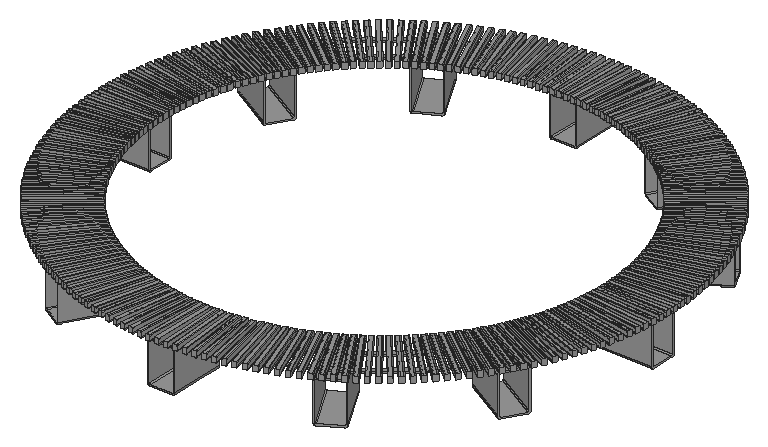
Revit family "Скамейка стальная круглая «Радиус Раунд» без спинки Арт 22157", category Антураж, Revit 2018
Family settings
  На основе рабочей плоскости = Нет
  Всегда вертикально = Да
  При загрузке вырезать с полостями = Нет
  Источник визуального образа = Геометрия семейства
  Общий = Нет
  Точка расчета площади = Нет
Parameters (values of type "Версия R 2600")
  Ширина = 500 mm  # constant formula
  Цвет отделки = Дерево
  Цвет основания = Сталь
  Радиус = if(Версия 2000, 2000 mm, 2600 mm)  # 2600 mm
  Описание = if(Версия 2000, "Скамейка стальная круглая «Радиус Раунд» без спинки. Версия R 2000", "Скамейка стальная круглая «Радиус Раунд» без спинки. Версия R 2600")  # "Скамейка стальная круглая «Радиус Раунд» без спинки. Версия R 2600"
  Материал изделия = "Сталь, дерево"  # constant formula
  Кол-во реек (условно) = if(Версия 2000, 175, 200)  # 200
  Изображение типоразмера = Скамейка стальная круглая «Радиус Раунд» без спинки Арт 22157.jpg
  Изготовитель = "ООО «Хоббика»"  # constant formula
  Длина = if(Версия 2000, 12566 mm, 16336 mm)  # 16336 mm
  Группа модели = "Скамейки"  # constant formula
  Высота = 450 mm  # constant formula
  Версия 2600 = not(Версия 2000)  # yes
  Версия 2000 = no
  Артикул товара = "Арт. 22157"  # constant formula
  URL = "https://hobbyka.ru/product/sadovoparkovaya_skameyka_radius_raund_kruglaya/"
Types (3, lengths in mm): name | Радиус | Описание | Кол-во реек (условно) | Длина | Версия 2600 | Версия 2000
  (no name) | 2600 | "Скамейка стальная круглая «Радиус Раунд» без спинки. Версия R 2600" | 200 | 16336 | yes | no
  Версия R 2600 | 2600 | "Скамейка стальная круглая «Радиус Раунд» без спинки. Версия R 2600" | 200 | 16336 | yes | no
  Версия R 2000 | 2000 | "Скамейка стальная круглая «Радиус Раунд» без спинки. Версия R 2000" | 175 | 12566 | no | yes
Reference planes
  plane 1 "По центру (Вперед/Назад)": y = 0
  plane 2: z = 0
  plane 3 "По центру (Влево/Вправо)": x = 0
Dimensions and locks
  aligned and locked: level to plane 2
  aligned and locked: plane 1 "По центру (Вперед/Назад)" to nested 2
  aligned and locked: plane 1 "По центру (Вперед/Назад)" to nested 1
  aligned and locked: plane 3 "По центру (Влево/Вправо)" to nested 1
  aligned and locked: plane 3 "По центру (Влево/Вправо)" to nested 2
  aligned and locked: nested 163 to plane 1 "По центру (Вперед/Назад)"
  aligned and locked: nested 163 to plane 3 "По центру (Влево/Вправо)"
Nested families
  nested 1: "Скамейка стальная круглая «Радиус Раунд» без спинки Арт 22157 сидение" at (0, 0, 0), type "Скамейка стальная круглая «Радиус Раунд» без спинки Арт 22157 сидение"
  nested 2: "Скамейка стальная круглая «Радиус Раунд» без спинки Арт 22157 опора" at (0, 0, 0), type "Скамейка стальная круглая «Радиус Раунд» без спинки Арт 22157 опора"
  nested 3: "Скамейка стальная круглая «Радиус Раунд» без спинки Арт 22157 опора" at (0, 0, 0) x (0.866, -0.5, 0) z (0, 0, 1), type "Скамейка стальная круглая «Радиус Раунд» без спинки Арт 22157 опора"
  nested 4: "Скамейка стальная круглая «Радиус Раунд» без спинки Арт 22157 опора" at (0, 0, 0) x (0.866, 0.5, 0) z (0, 0, 1), type "Скамейка стальная круглая «Радиус Раунд» без спинки Арт 22157 опора"
  nested 5: "Скамейка стальная круглая «Радиус Раунд» без спинки Арт 22157 опора" at (0, 0, 0) x (0.5, 0.866, 0) z (0, 0, 1), type "Скамейка стальная круглая «Радиус Раунд» без спинки Арт 22157 опора"
  nested 6: "Скамейка стальная круглая «Радиус Раунд» без спинки Арт 22157 опора" at (0, 0, 0) x (0, 1, 0) z (0, 0, 1), type "Скамейка стальная круглая «Радиус Раунд» без спинки Арт 22157 опора"
  nested 7: "Скамейка стальная круглая «Радиус Раунд» без спинки Арт 22157 опора" at (0, 0, 0) x (-0.5, 0.866, 0) z (0, 0, 1), type "Скамейка стальная круглая «Радиус Раунд» без спинки Арт 22157 опора"
  nested 8: "Скамейка стальная круглая «Радиус Раунд» без спинки Арт 22157 опора" at (0, 0, 0) x (-0.866, 0.5, 0) z (0, 0, 1), type "Скамейка стальная круглая «Радиус Раунд» без спинки Арт 22157 опора"
  nested 9: "Скамейка стальная круглая «Радиус Раунд» без спинки Арт 22157 опора" at (0, 0, 0) x (-1, 0, 0) z (0, 0, 1), type "Скамейка стальная круглая «Радиус Раунд» без спинки Арт 22157 опора"
  nested 10: "Скамейка стальная круглая «Радиус Раунд» без спинки Арт 22157 опора" at (0, 0, 0) x (-0.866, -0.5, 0) z (0, 0, 1), type "Скамейка стальная круглая «Радиус Раунд» без спинки Арт 22157 опора"
  nested 11: "Скамейка стальная круглая «Радиус Раунд» без спинки Арт 22157 опора" at (0, 0, 0) x (-0.5, -0.866, 0) z (0, 0, 1), type "Скамейка стальная круглая «Радиус Раунд» без спинки Арт 22157 опора"
  nested 12: "Скамейка стальная круглая «Радиус Раунд» без спинки Арт 22157 опора" at (0, 0, 0) x (0, -1, 0) z (0, 0, 1), type "Скамейка стальная круглая «Радиус Раунд» без спинки Арт 22157 опора"
  nested 13: "Скамейка стальная круглая «Радиус Раунд» без спинки Арт 22157 опора" at (0, 0, 0) x (0.5, -0.866, 0) z (0, 0, 1), type "Скамейка стальная круглая «Радиус Раунд» без спинки Арт 22157 опора"
  nested 14: "Скамейка стальная круглая «Радиус Раунд» без спинки Арт 22157 сидение" at (0, 0, 0) x (0.9995, -0.0314, 0) z (0, 0, 1), type "Скамейка стальная круглая «Радиус Раунд» без спинки Арт 22157 сидение"
  nested 15: "Скамейка стальная круглая «Радиус Раунд» без спинки Арт 22157 сидение" at (0, 0, 0) x (0.9995, 0.0314, 0) z (0, 0, 1), type "Скамейка стальная круглая «Радиус Раунд» без спинки Арт 22157 сидение"
  nested 16: "Скамейка стальная круглая «Радиус Раунд» без спинки Арт 22157 сидение" at (0, 0, 0) x (0.998, 0.0628, 0) z (0, 0, 1), type "Скамейка стальная круглая «Радиус Раунд» без спинки Арт 22157 сидение"
  nested 17: "Скамейка стальная круглая «Радиус Раунд» без спинки Арт 22157 сидение" at (0, 0, 0) x (0.9956, 0.0941, 0) z (0, 0, 1), type "Скамейка стальная круглая «Радиус Раунд» без спинки Арт 22157 сидение"
  nested 18: "Скамейка стальная круглая «Радиус Раунд» без спинки Арт 22157 сидение" at (0, 0, 0) x (0.9921, 0.1253, 0) z (0, 0, 1), type "Скамейка стальная круглая «Радиус Раунд» без спинки Арт 22157 сидение"
  nested 19: "Скамейка стальная круглая «Радиус Раунд» без спинки Арт 22157 сидение" at (0, 0, 0) x (0.9877, 0.1564, 0) z (0, 0, 1), type "Скамейка стальная круглая «Радиус Раунд» без спинки Арт 22157 сидение"
  nested 20: "Скамейка стальная круглая «Радиус Раунд» без спинки Арт 22157 сидение" at (0, 0, 0) x (0.9823, 0.1874, 0) z (0, 0, 1), type "Скамейка стальная круглая «Радиус Раунд» без спинки Арт 22157 сидение"
  nested 21: "Скамейка стальная круглая «Радиус Раунд» без спинки Арт 22157 сидение" at (0, 0, 0) x (0.9759, 0.2181, 0) z (0, 0, 1), type "Скамейка стальная круглая «Радиус Раунд» без спинки Арт 22157 сидение"
  nested 22: "Скамейка стальная круглая «Радиус Раунд» без спинки Арт 22157 сидение" at (0, 0, 0) x (0.9686, 0.2487, 0) z (0, 0, 1), type "Скамейка стальная круглая «Радиус Раунд» без спинки Арт 22157 сидение"
  nested 23: "Скамейка стальная круглая «Радиус Раунд» без спинки Арт 22157 сидение" at (0, 0, 0) x (0.9603, 0.279, 0) z (0, 0, 1), type "Скамейка стальная круглая «Радиус Раунд» без спинки Арт 22157 сидение"
  nested 24: "Скамейка стальная круглая «Радиус Раунд» без спинки Арт 22157 сидение" at (0, 0, 0) x (0.9511, 0.309, 0) z (0, 0, 1), type "Скамейка стальная круглая «Радиус Раунд» без спинки Арт 22157 сидение"
  nested 25: "Скамейка стальная круглая «Радиус Раунд» без спинки Арт 22157 сидение" at (0, 0, 0) x (0.9409, 0.3387, 0) z (0, 0, 1), type "Скамейка стальная круглая «Радиус Раунд» без спинки Арт 22157 сидение"
  nested 26: "Скамейка стальная круглая «Радиус Раунд» без спинки Арт 22157 сидение" at (0, 0, 0) x (0.9298, 0.3681, 0) z (0, 0, 1), type "Скамейка стальная круглая «Радиус Раунд» без спинки Арт 22157 сидение"
  nested 27: "Скамейка стальная круглая «Радиус Раунд» без спинки Арт 22157 сидение" at (0, 0, 0) x (0.9178, 0.3971, 0) z (0, 0, 1), type "Скамейка стальная круглая «Радиус Раунд» без спинки Арт 22157 сидение"
  nested 28: "Скамейка стальная круглая «Радиус Раунд» без спинки Арт 22157 сидение" at (0, 0, 0) x (0.9048, 0.4258, 0) z (0, 0, 1), type "Скамейка стальная круглая «Радиус Раунд» без спинки Арт 22157 сидение"
  nested 29: "Скамейка стальная круглая «Радиус Раунд» без спинки Арт 22157 сидение" at (0, 0, 0) x (0.891, 0.454, 0) z (0, 0, 1), type "Скамейка стальная круглая «Радиус Раунд» без спинки Арт 22157 сидение"
  nested 30: "Скамейка стальная круглая «Радиус Раунд» без спинки Арт 22157 сидение" at (0, 0, 0) x (0.8763, 0.4818, 0) z (0, 0, 1), type "Скамейка стальная круглая «Радиус Раунд» без спинки Арт 22157 сидение"
  nested 31: "Скамейка стальная круглая «Радиус Раунд» без спинки Арт 22157 сидение" at (0, 0, 0) x (0.8607, 0.509, 0) z (0, 0, 1), type "Скамейка стальная круглая «Радиус Раунд» без спинки Арт 22157 сидение"
  nested 32: "Скамейка стальная круглая «Радиус Раунд» без спинки Арт 22157 сидение" at (0, 0, 0) x (0.8443, 0.5358, 0) z (0, 0, 1), type "Скамейка стальная круглая «Радиус Раунд» без спинки Арт 22157 сидение"
  nested 33: "Скамейка стальная круглая «Радиус Раунд» без спинки Арт 22157 сидение" at (0, 0, 0) x (0.8271, 0.5621, 0) z (0, 0, 1), type "Скамейка стальная круглая «Радиус Раунд» без спинки Арт 22157 сидение"
  nested 34: "Скамейка стальная круглая «Радиус Раунд» без спинки Арт 22157 сидение" at (0, 0, 0) x (0.809, 0.5878, 0) z (0, 0, 1), type "Скамейка стальная круглая «Радиус Раунд» без спинки Арт 22157 сидение"
  nested 35: "Скамейка стальная круглая «Радиус Раунд» без спинки Арт 22157 сидение" at (0, 0, 0) x (0.7902, 0.6129, 0) z (0, 0, 1), type "Скамейка стальная круглая «Радиус Раунд» без спинки Арт 22157 сидение"
  nested 36: "Скамейка стальная круглая «Радиус Раунд» без спинки Арт 22157 сидение" at (0, 0, 0) x (0.7705, 0.6374, 0) z (0, 0, 1), type "Скамейка стальная круглая «Радиус Раунд» без спинки Арт 22157 сидение"
  nested 37: "Скамейка стальная круглая «Радиус Раунд» без спинки Арт 22157 сидение" at (0, 0, 0) x (0.7501, 0.6613, 0) z (0, 0, 1), type "Скамейка стальная круглая «Радиус Раунд» без спинки Арт 22157 сидение"
  nested 38: "Скамейка стальная круглая «Радиус Раунд» без спинки Арт 22157 сидение" at (0, 0, 0) x (0.729, 0.6845, 0) z (0, 0, 1), type "Скамейка стальная круглая «Радиус Раунд» без спинки Арт 22157 сидение"
  nested 39: "Скамейка стальная круглая «Радиус Раунд» без спинки Арт 22157 сидение" at (0, 0, 0) x (0.7071, 0.7071, 0) z (0, 0, 1), type "Скамейка стальная круглая «Радиус Раунд» без спинки Арт 22157 сидение"
  nested 40: "Скамейка стальная круглая «Радиус Раунд» без спинки Арт 22157 сидение" at (0, 0, 0) x (0.6845, 0.729, 0) z (0, 0, 1), type "Скамейка стальная круглая «Радиус Раунд» без спинки Арт 22157 сидение"
  nested 41: "Скамейка стальная круглая «Радиус Раунд» без спинки Арт 22157 сидение" at (0, 0, 0) x (0.6613, 0.7501, 0) z (0, 0, 1), type "Скамейка стальная круглая «Радиус Раунд» без спинки Арт 22157 сидение"
  nested 42: "Скамейка стальная круглая «Радиус Раунд» без спинки Арт 22157 сидение" at (0, 0, 0) x (0.6374, 0.7705, 0) z (0, 0, 1), type "Скамейка стальная круглая «Радиус Раунд» без спинки Арт 22157 сидение"
  nested 43: "Скамейка стальная круглая «Радиус Раунд» без спинки Арт 22157 сидение" at (0, 0, 0) x (0.6129, 0.7902, 0) z (0, 0, 1), type "Скамейка стальная круглая «Радиус Раунд» без спинки Арт 22157 сидение"
  nested 44: "Скамейка стальная круглая «Радиус Раунд» без спинки Арт 22157 сидение" at (0, 0, 0) x (0.5878, 0.809, 0) z (0, 0, 1), type "Скамейка стальная круглая «Радиус Раунд» без спинки Арт 22157 сидение"
  nested 45: "Скамейка стальная круглая «Радиус Раунд» без спинки Арт 22157 сидение" at (0, 0, 0) x (0.5621, 0.8271, 0) z (0, 0, 1), type "Скамейка стальная круглая «Радиус Раунд» без спинки Арт 22157 сидение"
  nested 46: "Скамейка стальная круглая «Радиус Раунд» без спинки Арт 22157 сидение" at (0, 0, 0) x (0.5358, 0.8443, 0) z (0, 0, 1), type "Скамейка стальная круглая «Радиус Раунд» без спинки Арт 22157 сидение"
  nested 47: "Скамейка стальная круглая «Радиус Раунд» без спинки Арт 22157 сидение" at (0, 0, 0) x (0.509, 0.8607, 0) z (0, 0, 1), type "Скамейка стальная круглая «Радиус Раунд» без спинки Арт 22157 сидение"
  nested 48: "Скамейка стальная круглая «Радиус Раунд» без спинки Арт 22157 сидение" at (0, 0, 0) x (0.4818, 0.8763, 0) z (0, 0, 1), type "Скамейка стальная круглая «Радиус Раунд» без спинки Арт 22157 сидение"
  nested 49: "Скамейка стальная круглая «Радиус Раунд» без спинки Арт 22157 сидение" at (0, 0, 0) x (0.454, 0.891, 0) z (0, 0, 1), type "Скамейка стальная круглая «Радиус Раунд» без спинки Арт 22157 сидение"
  nested 50: "Скамейка стальная круглая «Радиус Раунд» без спинки Арт 22157 сидение" at (0, 0, 0) x (0.4258, 0.9048, 0) z (0, 0, 1), type "Скамейка стальная круглая «Радиус Раунд» без спинки Арт 22157 сидение"
  nested 51: "Скамейка стальная круглая «Радиус Раунд» без спинки Арт 22157 сидение" at (0, 0, 0) x (0.3971, 0.9178, 0) z (0, 0, 1), type "Скамейка стальная круглая «Радиус Раунд» без спинки Арт 22157 сидение"
  nested 52: "Скамейка стальная круглая «Радиус Раунд» без спинки Арт 22157 сидение" at (0, 0, 0) x (0.3681, 0.9298, 0) z (0, 0, 1), type "Скамейка стальная круглая «Радиус Раунд» без спинки Арт 22157 сидение"
  nested 53: "Скамейка стальная круглая «Радиус Раунд» без спинки Арт 22157 сидение" at (0, 0, 0) x (0.3387, 0.9409, 0) z (0, 0, 1), type "Скамейка стальная круглая «Радиус Раунд» без спинки Арт 22157 сидение"
  nested 54: "Скамейка стальная круглая «Радиус Раунд» без спинки Арт 22157 сидение" at (0, 0, 0) x (0.309, 0.9511, 0) z (0, 0, 1), type "Скамейка стальная круглая «Радиус Раунд» без спинки Арт 22157 сидение"
  nested 55: "Скамейка стальная круглая «Радиус Раунд» без спинки Арт 22157 сидение" at (0, 0, 0) x (0.279, 0.9603, 0) z (0, 0, 1), type "Скамейка стальная круглая «Радиус Раунд» без спинки Арт 22157 сидение"
  nested 56: "Скамейка стальная круглая «Радиус Раунд» без спинки Арт 22157 сидение" at (0, 0, 0) x (0.2487, 0.9686, 0) z (0, 0, 1), type "Скамейка стальная круглая «Радиус Раунд» без спинки Арт 22157 сидение"
  nested 57: "Скамейка стальная круглая «Радиус Раунд» без спинки Арт 22157 сидение" at (0, 0, 0) x (0.2181, 0.9759, 0) z (0, 0, 1), type "Скамейка стальная круглая «Радиус Раунд» без спинки Арт 22157 сидение"
  nested 58: "Скамейка стальная круглая «Радиус Раунд» без спинки Арт 22157 сидение" at (0, 0, 0) x (0.1874, 0.9823, 0) z (0, 0, 1), type "Скамейка стальная круглая «Радиус Раунд» без спинки Арт 22157 сидение"
  nested 59: "Скамейка стальная круглая «Радиус Раунд» без спинки Арт 22157 сидение" at (0, 0, 0) x (0.1564, 0.9877, 0) z (0, 0, 1), type "Скамейка стальная круглая «Радиус Раунд» без спинки Арт 22157 сидение"
  nested 60: "Скамейка стальная круглая «Радиус Раунд» без спинки Арт 22157 сидение" at (0, 0, 0) x (0.1253, 0.9921, 0) z (0, 0, 1), type "Скамейка стальная круглая «Радиус Раунд» без спинки Арт 22157 сидение"
  nested 61: "Скамейка стальная круглая «Радиус Раунд» без спинки Арт 22157 сидение" at (0, 0, 0) x (0.0941, 0.9956, 0) z (0, 0, 1), type "Скамейка стальная круглая «Радиус Раунд» без спинки Арт 22157 сидение"
  nested 62: "Скамейка стальная круглая «Радиус Раунд» без спинки Арт 22157 сидение" at (0, 0, 0) x (0.0628, 0.998, 0) z (0, 0, 1), type "Скамейка стальная круглая «Радиус Раунд» без спинки Арт 22157 сидение"
  nested 63: "Скамейка стальная круглая «Радиус Раунд» без спинки Арт 22157 сидение" at (0, 0, 0) x (0.0314, 0.9995, 0) z (0, 0, 1), type "Скамейка стальная круглая «Радиус Раунд» без спинки Арт 22157 сидение"
  nested 64: "Скамейка стальная круглая «Радиус Раунд» без спинки Арт 22157 сидение" at (0, 0, 0) x (0, 1, 0) z (0, 0, 1), type "Скамейка стальная круглая «Радиус Раунд» без спинки Арт 22157 сидение"
  nested 65: "Скамейка стальная круглая «Радиус Раунд» без спинки Арт 22157 сидение" at (0, 0, 0) x (-0.0314, 0.9995, 0) z (0, 0, 1), type "Скамейка стальная круглая «Радиус Раунд» без спинки Арт 22157 сидение"
  nested 66: "Скамейка стальная круглая «Радиус Раунд» без спинки Арт 22157 сидение" at (0, 0, 0) x (-0.0628, 0.998, 0) z (0, 0, 1), type "Скамейка стальная круглая «Радиус Раунд» без спинки Арт 22157 сидение"
  nested 67: "Скамейка стальная круглая «Радиус Раунд» без спинки Арт 22157 сидение" at (0, 0, 0) x (-0.0941, 0.9956, 0) z (0, 0, 1), type "Скамейка стальная круглая «Радиус Раунд» без спинки Арт 22157 сидение"
  nested 68: "Скамейка стальная круглая «Радиус Раунд» без спинки Арт 22157 сидение" at (0, 0, 0) x (-0.1253, 0.9921, 0) z (0, 0, 1), type "Скамейка стальная круглая «Радиус Раунд» без спинки Арт 22157 сидение"
  nested 69: "Скамейка стальная круглая «Радиус Раунд» без спинки Арт 22157 сидение" at (0, 0, 0) x (-0.1564, 0.9877, 0) z (0, 0, 1), type "Скамейка стальная круглая «Радиус Раунд» без спинки Арт 22157 сидение"
  nested 70: "Скамейка стальная круглая «Радиус Раунд» без спинки Арт 22157 сидение" at (0, 0, 0) x (-0.1874, 0.9823, 0) z (0, 0, 1), type "Скамейка стальная круглая «Радиус Раунд» без спинки Арт 22157 сидение"
  nested 71: "Скамейка стальная круглая «Радиус Раунд» без спинки Арт 22157 сидение" at (0, 0, 0) x (-0.2181, 0.9759, 0) z (0, 0, 1), type "Скамейка стальная круглая «Радиус Раунд» без спинки Арт 22157 сидение"
  nested 72: "Скамейка стальная круглая «Радиус Раунд» без спинки Арт 22157 сидение" at (0, 0, 0) x (-0.2487, 0.9686, 0) z (0, 0, 1), type "Скамейка стальная круглая «Радиус Раунд» без спинки Арт 22157 сидение"
  nested 73: "Скамейка стальная круглая «Радиус Раунд» без спинки Арт 22157 сидение" at (0, 0, 0) x (-0.279, 0.9603, 0) z (0, 0, 1), type "Скамейка стальная круглая «Радиус Раунд» без спинки Арт 22157 сидение"
  nested 74: "Скамейка стальная круглая «Радиус Раунд» без спинки Арт 22157 сидение" at (0, 0, 0) x (-0.309, 0.9511, 0) z (0, 0, 1), type "Скамейка стальная круглая «Радиус Раунд» без спинки Арт 22157 сидение"
  nested 75: "Скамейка стальная круглая «Радиус Раунд» без спинки Арт 22157 сидение" at (0, 0, 0) x (-0.3387, 0.9409, 0) z (0, 0, 1), type "Скамейка стальная круглая «Радиус Раунд» без спинки Арт 22157 сидение"
  nested 76: "Скамейка стальная круглая «Радиус Раунд» без спинки Арт 22157 сидение" at (0, 0, 0) x (-0.3681, 0.9298, 0) z (0, 0, 1), type "Скамейка стальная круглая «Радиус Раунд» без спинки Арт 22157 сидение"
  nested 77: "Скамейка стальная круглая «Радиус Раунд» без спинки Арт 22157 сидение" at (0, 0, 0) x (-0.3971, 0.9178, 0) z (0, 0, 1), type "Скамейка стальная круглая «Радиус Раунд» без спинки Арт 22157 сидение"
  nested 78: "Скамейка стальная круглая «Радиус Раунд» без спинки Арт 22157 сидение" at (0, 0, 0) x (-0.4258, 0.9048, 0) z (0, 0, 1), type "Скамейка стальная круглая «Радиус Раунд» без спинки Арт 22157 сидение"
  nested 79: "Скамейка стальная круглая «Радиус Раунд» без спинки Арт 22157 сидение" at (0, 0, 0) x (-0.454, 0.891, 0) z (0, 0, 1), type "Скамейка стальная круглая «Радиус Раунд» без спинки Арт 22157 сидение"
  nested 80: "Скамейка стальная круглая «Радиус Раунд» без спинки Арт 22157 сидение" at (0, 0, 0) x (-0.4818, 0.8763, 0) z (0, 0, 1), type "Скамейка стальная круглая «Радиус Раунд» без спинки Арт 22157 сидение"
  nested 81: "Скамейка стальная круглая «Радиус Раунд» без спинки Арт 22157 сидение" at (0, 0, 0) x (-0.509, 0.8607, 0) z (0, 0, 1), type "Скамейка стальная круглая «Радиус Раунд» без спинки Арт 22157 сидение"
  nested 82: "Скамейка стальная круглая «Радиус Раунд» без спинки Арт 22157 сидение" at (0, 0, 0) x (-0.5358, 0.8443, 0) z (0, 0, 1), type "Скамейка стальная круглая «Радиус Раунд» без спинки Арт 22157 сидение"
  nested 83: "Скамейка стальная круглая «Радиус Раунд» без спинки Арт 22157 сидение" at (0, 0, 0) x (-0.5621, 0.8271, 0) z (0, 0, 1), type "Скамейка стальная круглая «Радиус Раунд» без спинки Арт 22157 сидение"
  nested 84: "Скамейка стальная круглая «Радиус Раунд» без спинки Арт 22157 сидение" at (0, 0, 0) x (-0.5878, 0.809, 0) z (0, 0, 1), type "Скамейка стальная круглая «Радиус Раунд» без спинки Арт 22157 сидение"
  nested 85: "Скамейка стальная круглая «Радиус Раунд» без спинки Арт 22157 сидение" at (0, 0, 0) x (-0.6129, 0.7902, 0) z (0, 0, 1), type "Скамейка стальная круглая «Радиус Раунд» без спинки Арт 22157 сидение"
  nested 86: "Скамейка стальная круглая «Радиус Раунд» без спинки Арт 22157 сидение" at (0, 0, 0) x (-0.6374, 0.7705, 0) z (0, 0, 1), type "Скамейка стальная круглая «Радиус Раунд» без спинки Арт 22157 сидение"
  nested 87: "Скамейка стальная круглая «Радиус Раунд» без спинки Арт 22157 сидение" at (0, 0, 0) x (-0.6613, 0.7501, 0) z (0, 0, 1), type "Скамейка стальная круглая «Радиус Раунд» без спинки Арт 22157 сидение"
  nested 88: "Скамейка стальная круглая «Радиус Раунд» без спинки Арт 22157 сидение" at (0, 0, 0) x (-0.6845, 0.729, 0) z (0, 0, 1), type "Скамейка стальная круглая «Радиус Раунд» без спинки Арт 22157 сидение"
  nested 89: "Скамейка стальная круглая «Радиус Раунд» без спинки Арт 22157 сидение" at (0, 0, 0) x (-0.7071, 0.7071, 0) z (0, 0, 1), type "Скамейка стальная круглая «Радиус Раунд» без спинки Арт 22157 сидение"
  nested 90: "Скамейка стальная круглая «Радиус Раунд» без спинки Арт 22157 сидение" at (0, 0, 0) x (-0.729, 0.6845, 0) z (0, 0, 1), type "Скамейка стальная круглая «Радиус Раунд» без спинки Арт 22157 сидение"
  nested 91: "Скамейка стальная круглая «Радиус Раунд» без спинки Арт 22157 сидение" at (0, 0, 0) x (-0.7501, 0.6613, 0) z (0, 0, 1), type "Скамейка стальная круглая «Радиус Раунд» без спинки Арт 22157 сидение"
  nested 92: "Скамейка стальная круглая «Радиус Раунд» без спинки Арт 22157 сидение" at (0, 0, 0) x (-0.7705, 0.6374, 0) z (0, 0, 1), type "Скамейка стальная круглая «Радиус Раунд» без спинки Арт 22157 сидение"
  nested 93: "Скамейка стальная круглая «Радиус Раунд» без спинки Арт 22157 сидение" at (0, 0, 0) x (-0.7902, 0.6129, 0) z (0, 0, 1), type "Скамейка стальная круглая «Радиус Раунд» без спинки Арт 22157 сидение"
  nested 94: "Скамейка стальная круглая «Радиус Раунд» без спинки Арт 22157 сидение" at (0, 0, 0) x (-0.809, 0.5878, 0) z (0, 0, 1), type "Скамейка стальная круглая «Радиус Раунд» без спинки Арт 22157 сидение"
  nested 95: "Скамейка стальная круглая «Радиус Раунд» без спинки Арт 22157 сидение" at (0, 0, 0) x (-0.8271, 0.5621, 0) z (0, 0, 1), type "Скамейка стальная круглая «Радиус Раунд» без спинки Арт 22157 сидение"
  nested 96: "Скамейка стальная круглая «Радиус Раунд» без спинки Арт 22157 сидение" at (0, 0, 0) x (-0.8443, 0.5358, 0) z (0, 0, 1), type "Скамейка стальная круглая «Радиус Раунд» без спинки Арт 22157 сидение"
  nested 97: "Скамейка стальная круглая «Радиус Раунд» без спинки Арт 22157 сидение" at (0, 0, 0) x (-0.8607, 0.509, 0) z (0, 0, 1), type "Скамейка стальная круглая «Радиус Раунд» без спинки Арт 22157 сидение"
  nested 98: "Скамейка стальная круглая «Радиус Раунд» без спинки Арт 22157 сидение" at (0, 0, 0) x (-0.8763, 0.4818, 0) z (0, 0, 1), type "Скамейка стальная круглая «Радиус Раунд» без спинки Арт 22157 сидение"
  nested 99: "Скамейка стальная круглая «Радиус Раунд» без спинки Арт 22157 сидение" at (0, 0, 0) x (-0.891, 0.454, 0) z (0, 0, 1), type "Скамейка стальная круглая «Радиус Раунд» без спинки Арт 22157 сидение"
  nested 100: "Скамейка стальная круглая «Радиус Раунд» без спинки Арт 22157 сидение" at (0, 0, 0) x (-0.9048, 0.4258, 0) z (0, 0, 1), type "Скамейка стальная круглая «Радиус Раунд» без спинки Арт 22157 сидение"
  nested 101: "Скамейка стальная круглая «Радиус Раунд» без спинки Арт 22157 сидение" at (0, 0, 0) x (-0.9178, 0.3971, 0) z (0, 0, 1), type "Скамейка стальная круглая «Радиус Раунд» без спинки Арт 22157 сидение"
  nested 102: "Скамейка стальная круглая «Радиус Раунд» без спинки Арт 22157 сидение" at (0, 0, 0) x (-0.9298, 0.3681, 0) z (0, 0, 1), type "Скамейка стальная круглая «Радиус Раунд» без спинки Арт 22157 сидение"
  nested 103: "Скамейка стальная круглая «Радиус Раунд» без спинки Арт 22157 сидение" at (0, 0, 0) x (-0.9409, 0.3387, 0) z (0, 0, 1), type "Скамейка стальная круглая «Радиус Раунд» без спинки Арт 22157 сидение"
  nested 104: "Скамейка стальная круглая «Радиус Раунд» без спинки Арт 22157 сидение" at (0, 0, 0) x (-0.9511, 0.309, 0) z (0, 0, 1), type "Скамейка стальная круглая «Радиус Раунд» без спинки Арт 22157 сидение"
  nested 105: "Скамейка стальная круглая «Радиус Раунд» без спинки Арт 22157 сидение" at (0, 0, 0) x (-0.9603, 0.279, 0) z (0, 0, 1), type "Скамейка стальная круглая «Радиус Раунд» без спинки Арт 22157 сидение"
  nested 106: "Скамейка стальная круглая «Радиус Раунд» без спинки Арт 22157 сидение" at (0, 0, 0) x (-0.9686, 0.2487, 0) z (0, 0, 1), type "Скамейка стальная круглая «Радиус Раунд» без спинки Арт 22157 сидение"
  nested 107: "Скамейка стальная круглая «Радиус Раунд» без спинки Арт 22157 сидение" at (0, 0, 0) x (-0.9759, 0.2181, 0) z (0, 0, 1), type "Скамейка стальная круглая «Радиус Раунд» без спинки Арт 22157 сидение"
  nested 108: "Скамейка стальная круглая «Радиус Раунд» без спинки Арт 22157 сидение" at (0, 0, 0) x (-0.9823, 0.1874, 0) z (0, 0, 1), type "Скамейка стальная круглая «Радиус Раунд» без спинки Арт 22157 сидение"
  nested 109: "Скамейка стальная круглая «Радиус Раунд» без спинки Арт 22157 сидение" at (0, 0, 0) x (-0.9877, 0.1564, 0) z (0, 0, 1), type "Скамейка стальная круглая «Радиус Раунд» без спинки Арт 22157 сидение"
  nested 110: "Скамейка стальная круглая «Радиус Раунд» без спинки Арт 22157 сидение" at (0, 0, 0) x (-0.9921, 0.1253, 0) z (0, 0, 1), type "Скамейка стальная круглая «Радиус Раунд» без спинки Арт 22157 сидение"
  nested 111: "Скамейка стальная круглая «Радиус Раунд» без спинки Арт 22157 сидение" at (0, 0, 0) x (-0.9956, 0.0941, 0) z (0, 0, 1), type "Скамейка стальная круглая «Радиус Раунд» без спинки Арт 22157 сидение"
  nested 112: "Скамейка стальная круглая «Радиус Раунд» без спинки Арт 22157 сидение" at (0, 0, 0) x (-0.998, 0.0628, 0) z (0, 0, 1), type "Скамейка стальная круглая «Радиус Раунд» без спинки Арт 22157 сидение"
  nested 113: "Скамейка стальная круглая «Радиус Раунд» без спинки Арт 22157 сидение" at (0, 0, 0) x (-0.9995, 0.0314, 0) z (0, 0, 1), type "Скамейка стальная круглая «Радиус Раунд» без спинки Арт 22157 сидение"
  nested 114: "Скамейка стальная круглая «Радиус Раунд» без спинки Арт 22157 сидение" at (0, 0, 0) x (-1, 0, 0) z (0, 0, 1), type "Скамейка стальная круглая «Радиус Раунд» без спинки Арт 22157 сидение"
  nested 115: "Скамейка стальная круглая «Радиус Раунд» без спинки Арт 22157 сидение" at (0, 0, 0) x (-0.9995, -0.0314, 0) z (0, 0, 1), type "Скамейка стальная круглая «Радиус Раунд» без спинки Арт 22157 сидение"
  nested 116: "Скамейка стальная круглая «Радиус Раунд» без спинки Арт 22157 сидение" at (0, 0, 0) x (-0.998, -0.0628, 0) z (0, 0, 1), type "Скамейка стальная круглая «Радиус Раунд» без спинки Арт 22157 сидение"
  nested 117: "Скамейка стальная круглая «Радиус Раунд» без спинки Арт 22157 сидение" at (0, 0, 0) x (-0.9956, -0.0941, 0) z (0, 0, 1), type "Скамейка стальная круглая «Радиус Раунд» без спинки Арт 22157 сидение"
  nested 118: "Скамейка стальная круглая «Радиус Раунд» без спинки Арт 22157 сидение" at (0, 0, 0) x (-0.9921, -0.1253, 0) z (0, 0, 1), type "Скамейка стальная круглая «Радиус Раунд» без спинки Арт 22157 сидение"
  nested 119: "Скамейка стальная круглая «Радиус Раунд» без спинки Арт 22157 сидение" at (0, 0, 0) x (-0.9877, -0.1564, 0) z (0, 0, 1), type "Скамейка стальная круглая «Радиус Раунд» без спинки Арт 22157 сидение"
  nested 120: "Скамейка стальная круглая «Радиус Раунд» без спинки Арт 22157 сидение" at (0, 0, 0) x (-0.9823, -0.1874, 0) z (0, 0, 1), type "Скамейка стальная круглая «Радиус Раунд» без спинки Арт 22157 сидение"
  nested 121: "Скамейка стальная круглая «Радиус Раунд» без спинки Арт 22157 сидение" at (0, 0, 0) x (-0.9759, -0.2181, 0) z (0, 0, 1), type "Скамейка стальная круглая «Радиус Раунд» без спинки Арт 22157 сидение"
  nested 122: "Скамейка стальная круглая «Радиус Раунд» без спинки Арт 22157 сидение" at (0, 0, 0) x (-0.9686, -0.2487, 0) z (0, 0, 1), type "Скамейка стальная круглая «Радиус Раунд» без спинки Арт 22157 сидение"
  nested 123: "Скамейка стальная круглая «Радиус Раунд» без спинки Арт 22157 сидение" at (0, 0, 0) x (-0.9603, -0.279, 0) z (0, 0, 1), type "Скамейка стальная круглая «Радиус Раунд» без спинки Арт 22157 сидение"
  nested 124: "Скамейка стальная круглая «Радиус Раунд» без спинки Арт 22157 сидение" at (0, 0, 0) x (-0.9511, -0.309, 0) z (0, 0, 1), type "Скамейка стальная круглая «Радиус Раунд» без спинки Арт 22157 сидение"
  nested 125: "Скамейка стальная круглая «Радиус Раунд» без спинки Арт 22157 сидение" at (0, 0, 0) x (-0.9409, -0.3387, 0) z (0, 0, 1), type "Скамейка стальная круглая «Радиус Раунд» без спинки Арт 22157 сидение"
  nested 126: "Скамейка стальная круглая «Радиус Раунд» без спинки Арт 22157 сидение" at (0, 0, 0) x (-0.9298, -0.3681, 0) z (0, 0, 1), type "Скамейка стальная круглая «Радиус Раунд» без спинки Арт 22157 сидение"
  nested 127: "Скамейка стальная круглая «Радиус Раунд» без спинки Арт 22157 сидение" at (0, 0, 0) x (-0.9178, -0.3971, 0) z (0, 0, 1), type "Скамейка стальная круглая «Радиус Раунд» без спинки Арт 22157 сидение"
  nested 128: "Скамейка стальная круглая «Радиус Раунд» без спинки Арт 22157 сидение" at (0, 0, 0) x (-0.9048, -0.4258, 0) z (0, 0, 1), type "Скамейка стальная круглая «Радиус Раунд» без спинки Арт 22157 сидение"
  nested 129: "Скамейка стальная круглая «Радиус Раунд» без спинки Арт 22157 сидение" at (0, 0, 0) x (-0.891, -0.454, 0) z (0, 0, 1), type "Скамейка стальная круглая «Радиус Раунд» без спинки Арт 22157 сидение"
  nested 130: "Скамейка стальная круглая «Радиус Раунд» без спинки Арт 22157 сидение" at (0, 0, 0) x (-0.8763, -0.4818, 0) z (0, 0, 1), type "Скамейка стальная круглая «Радиус Раунд» без спинки Арт 22157 сидение"
  nested 131: "Скамейка стальная круглая «Радиус Раунд» без спинки Арт 22157 сидение" at (0, 0, 0) x (-0.8607, -0.509, 0) z (0, 0, 1), type "Скамейка стальная круглая «Радиус Раунд» без спинки Арт 22157 сидение"
  nested 132: "Скамейка стальная круглая «Радиус Раунд» без спинки Арт 22157 сидение" at (0, 0, 0) x (-0.8443, -0.5358, 0) z (0, 0, 1), type "Скамейка стальная круглая «Радиус Раунд» без спинки Арт 22157 сидение"
  nested 133: "Скамейка стальная круглая «Радиус Раунд» без спинки Арт 22157 сидение" at (0, 0, 0) x (-0.8271, -0.5621, 0) z (0, 0, 1), type "Скамейка стальная круглая «Радиус Раунд» без спинки Арт 22157 сидение"
  nested 134: "Скамейка стальная круглая «Радиус Раунд» без спинки Арт 22157 сидение" at (0, 0, 0) x (-0.809, -0.5878, 0) z (0, 0, 1), type "Скамейка стальная круглая «Радиус Раунд» без спинки Арт 22157 сидение"
  nested 135: "Скамейка стальная круглая «Радиус Раунд» без спинки Арт 22157 сидение" at (0, 0, 0) x (-0.7902, -0.6129, 0) z (0, 0, 1), type "Скамейка стальная круглая «Радиус Раунд» без спинки Арт 22157 сидение"
  nested 136: "Скамейка стальная круглая «Радиус Раунд» без спинки Арт 22157 сидение" at (0, 0, 0) x (-0.7705, -0.6374, 0) z (0, 0, 1), type "Скамейка стальная круглая «Радиус Раунд» без спинки Арт 22157 сидение"
  nested 137: "Скамейка стальная круглая «Радиус Раунд» без спинки Арт 22157 сидение" at (0, 0, 0) x (-0.7501, -0.6613, 0) z (0, 0, 1), type "Скамейка стальная круглая «Радиус Раунд» без спинки Арт 22157 сидение"
  nested 138: "Скамейка стальная круглая «Радиус Раунд» без спинки Арт 22157 сидение" at (0, 0, 0) x (-0.729, -0.6845, 0) z (0, 0, 1), type "Скамейка стальная круглая «Радиус Раунд» без спинки Арт 22157 сидение"
  nested 139: "Скамейка стальная круглая «Радиус Раунд» без спинки Арт 22157 сидение" at (0, 0, 0) x (-0.7071, -0.7071, 0) z (0, 0, 1), type "Скамейка стальная круглая «Радиус Раунд» без спинки Арт 22157 сидение"
  nested 140: "Скамейка стальная круглая «Радиус Раунд» без спинки Арт 22157 сидение" at (0, 0, 0) x (-0.6845, -0.729, 0) z (0, 0, 1), type "Скамейка стальная круглая «Радиус Раунд» без спинки Арт 22157 сидение"
  nested 141: "Скамейка стальная круглая «Радиус Раунд» без спинки Арт 22157 сидение" at (0, 0, 0) x (-0.6613, -0.7501, 0) z (0, 0, 1), type "Скамейка стальная круглая «Радиус Раунд» без спинки Арт 22157 сидение"
  nested 142: "Скамейка стальная круглая «Радиус Раунд» без спинки Арт 22157 сидение" at (0, 0, 0) x (-0.6374, -0.7705, 0) z (0, 0, 1), type "Скамейка стальная круглая «Радиус Раунд» без спинки Арт 22157 сидение"
  nested 143: "Скамейка стальная круглая «Радиус Раунд» без спинки Арт 22157 сидение" at (0, 0, 0) x (-0.6129, -0.7902, 0) z (0, 0, 1), type "Скамейка стальная круглая «Радиус Раунд» без спинки Арт 22157 сидение"
  nested 144: "Скамейка стальная круглая «Радиус Раунд» без спинки Арт 22157 сидение" at (0, 0, 0) x (-0.5878, -0.809, 0) z (0, 0, 1), type "Скамейка стальная круглая «Радиус Раунд» без спинки Арт 22157 сидение"
  nested 145: "Скамейка стальная круглая «Радиус Раунд» без спинки Арт 22157 сидение" at (0, 0, 0) x (-0.5621, -0.8271, 0) z (0, 0, 1), type "Скамейка стальная круглая «Радиус Раунд» без спинки Арт 22157 сидение"
  nested 146: "Скамейка стальная круглая «Радиус Раунд» без спинки Арт 22157 сидение" at (0, 0, 0) x (-0.5358, -0.8443, 0) z (0, 0, 1), type "Скамейка стальная круглая «Радиус Раунд» без спинки Арт 22157 сидение"
  nested 147: "Скамейка стальная круглая «Радиус Раунд» без спинки Арт 22157 сидение" at (0, 0, 0) x (-0.509, -0.8607, 0) z (0, 0, 1), type "Скамейка стальная круглая «Радиус Раунд» без спинки Арт 22157 сидение"
  nested 148: "Скамейка стальная круглая «Радиус Раунд» без спинки Арт 22157 сидение" at (0, 0, 0) x (-0.4818, -0.8763, 0) z (0, 0, 1), type "Скамейка стальная круглая «Радиус Раунд» без спинки Арт 22157 сидение"
  nested 149: "Скамейка стальная круглая «Радиус Раунд» без спинки Арт 22157 сидение" at (0, 0, 0) x (-0.454, -0.891, 0) z (0, 0, 1), type "Скамейка стальная круглая «Радиус Раунд» без спинки Арт 22157 сидение"
  nested 150: "Скамейка стальная круглая «Радиус Раунд» без спинки Арт 22157 сидение" at (0, 0, 0) x (-0.4258, -0.9048, 0) z (0, 0, 1), type "Скамейка стальная круглая «Радиус Раунд» без спинки Арт 22157 сидение"
  nested 151: "Скамейка стальная круглая «Радиус Раунд» без спинки Арт 22157 сидение" at (0, 0, 0) x (-0.3971, -0.9178, 0) z (0, 0, 1), type "Скамейка стальная круглая «Радиус Раунд» без спинки Арт 22157 сидение"
  nested 152: "Скамейка стальная круглая «Радиус Раунд» без спинки Арт 22157 сидение" at (0, 0, 0) x (-0.3681, -0.9298, 0) z (0, 0, 1), type "Скамейка стальная круглая «Радиус Раунд» без спинки Арт 22157 сидение"
  nested 153: "Скамейка стальная круглая «Радиус Раунд» без спинки Арт 22157 сидение" at (0, 0, 0) x (-0.3387, -0.9409, 0) z (0, 0, 1), type "Скамейка стальная круглая «Радиус Раунд» без спинки Арт 22157 сидение"
  nested 154: "Скамейка стальная круглая «Радиус Раунд» без спинки Арт 22157 сидение" at (0, 0, 0) x (-0.309, -0.9511, 0) z (0, 0, 1), type "Скамейка стальная круглая «Радиус Раунд» без спинки Арт 22157 сидение"
  nested 155: "Скамейка стальная круглая «Радиус Раунд» без спинки Арт 22157 сидение" at (0, 0, 0) x (-0.279, -0.9603, 0) z (0, 0, 1), type "Скамейка стальная круглая «Радиус Раунд» без спинки Арт 22157 сидение"
  nested 156: "Скамейка стальная круглая «Радиус Раунд» без спинки Арт 22157 сидение" at (0, 0, 0) x (-0.2487, -0.9686, 0) z (0, 0, 1), type "Скамейка стальная круглая «Радиус Раунд» без спинки Арт 22157 сидение"
  nested 157: "Скамейка стальная круглая «Радиус Раунд» без спинки Арт 22157 сидение" at (0, 0, 0) x (-0.2181, -0.9759, 0) z (0, 0, 1), type "Скамейка стальная круглая «Радиус Раунд» без спинки Арт 22157 сидение"
  nested 158: "Скамейка стальная круглая «Радиус Раунд» без спинки Арт 22157 сидение" at (0, 0, 0) x (-0.1874, -0.9823, 0) z (0, 0, 1), type "Скамейка стальная круглая «Радиус Раунд» без спинки Арт 22157 сидение"
  nested 159: "Скамейка стальная круглая «Радиус Раунд» без спинки Арт 22157 сидение" at (0, 0, 0) x (-0.1564, -0.9877, 0) z (0, 0, 1), type "Скамейка стальная круглая «Радиус Раунд» без спинки Арт 22157 сидение"
  nested 160: "Скамейка стальная круглая «Радиус Раунд» без спинки Арт 22157 сидение" at (0, 0, 0) x (-0.1253, -0.9921, 0) z (0, 0, 1), type "Скамейка стальная круглая «Радиус Раунд» без спинки Арт 22157 сидение"
  nested 161: "Скамейка стальная круглая «Радиус Раунд» без спинки Арт 22157 сидение" at (0, 0, 0) x (-0.0941, -0.9956, 0) z (0, 0, 1), type "Скамейка стальная круглая «Радиус Раунд» без спинки Арт 22157 сидение"
  nested 162: "Скамейка стальная круглая «Радиус Раунд» без спинки Арт 22157 сидение" at (0, 0, 0) x (-0.0628, -0.998, 0) z (0, 0, 1), type "Скамейка стальная круглая «Радиус Раунд» без спинки Арт 22157 сидение"
  nested 163: "Скамейка стальная круглая «Радиус Раунд» без спинки Арт 22157 круговая" at (0, 0, 0), type "Скамейка стальная круглая «Радиус Раунд» без спинки Арт 22157 круговая"
  nested 164: "Скамейка стальная круглая «Радиус Раунд» без спинки Арт 22157 сидение" at (0, 0, 0) x (-0.0314, -0.9995, 0) z (0, 0, 1), type "Скамейка стальная круглая «Радиус Раунд» без спинки Арт 22157 сидение"
  nested 165: "Скамейка стальная круглая «Радиус Раунд» без спинки Арт 22157 сидение" at (0, 0, 0) x (0, -1, 0) z (0, 0, 1), type "Скамейка стальная круглая «Радиус Раунд» без спинки Арт 22157 сидение"
  nested 166: "Скамейка стальная круглая «Радиус Раунд» без спинки Арт 22157 сидение" at (0, 0, 0) x (0.0314, -0.9995, 0) z (0, 0, 1), type "Скамейка стальная круглая «Радиус Раунд» без спинки Арт 22157 сидение"
  nested 167: "Скамейка стальная круглая «Радиус Раунд» без спинки Арт 22157 сидение" at (0, 0, 0) x (0.0628, -0.998, 0) z (0, 0, 1), type "Скамейка стальная круглая «Радиус Раунд» без спинки Арт 22157 сидение"
  nested 168: "Скамейка стальная круглая «Радиус Раунд» без спинки Арт 22157 сидение" at (0, 0, 0) x (0.0941, -0.9956, 0) z (0, 0, 1), type "Скамейка стальная круглая «Радиус Раунд» без спинки Арт 22157 сидение"
  nested 169: "Скамейка стальная круглая «Радиус Раунд» без спинки Арт 22157 сидение" at (0, 0, 0) x (0.1253, -0.9921, 0) z (0, 0, 1), type "Скамейка стальная круглая «Радиус Раунд» без спинки Арт 22157 сидение"
  nested 170: "Скамейка стальная круглая «Радиус Раунд» без спинки Арт 22157 сидение" at (0, 0, 0) x (0.1564, -0.9877, 0) z (0, 0, 1), type "Скамейка стальная круглая «Радиус Раунд» без спинки Арт 22157 сидение"
  nested 171: "Скамейка стальная круглая «Радиус Раунд» без спинки Арт 22157 сидение" at (0, 0, 0) x (0.1874, -0.9823, 0) z (0, 0, 1), type "Скамейка стальная круглая «Радиус Раунд» без спинки Арт 22157 сидение"
  nested 172: "Скамейка стальная круглая «Радиус Раунд» без спинки Арт 22157 сидение" at (0, 0, 0) x (0.2181, -0.9759, 0) z (0, 0, 1), type "Скамейка стальная круглая «Радиус Раунд» без спинки Арт 22157 сидение"
  nested 173: "Скамейка стальная круглая «Радиус Раунд» без спинки Арт 22157 сидение" at (0, 0, 0) x (0.2487, -0.9686, 0) z (0, 0, 1), type "Скамейка стальная круглая «Радиус Раунд» без спинки Арт 22157 сидение"
  nested 174: "Скамейка стальная круглая «Радиус Раунд» без спинки Арт 22157 сидение" at (0, 0, 0) x (0.279, -0.9603, 0) z (0, 0, 1), type "Скамейка стальная круглая «Радиус Раунд» без спинки Арт 22157 сидение"
  nested 175: "Скамейка стальная круглая «Радиус Раунд» без спинки Арт 22157 сидение" at (0, 0, 0) x (0.309, -0.9511, 0) z (0, 0, 1), type "Скамейка стальная круглая «Радиус Раунд» без спинки Арт 22157 сидение"
  nested 176: "Скамейка стальная круглая «Радиус Раунд» без спинки Арт 22157 сидение" at (0, 0, 0) x (0.3387, -0.9409, 0) z (0, 0, 1), type "Скамейка стальная круглая «Радиус Раунд» без спинки Арт 22157 сидение"
  nested 177: "Скамейка стальная круглая «Радиус Раунд» без спинки Арт 22157 сидение" at (0, 0, 0) x (0.3681, -0.9298, 0) z (0, 0, 1), type "Скамейка стальная круглая «Радиус Раунд» без спинки Арт 22157 сидение"
  nested 178: "Скамейка стальная круглая «Радиус Раунд» без спинки Арт 22157 сидение" at (0, 0, 0) x (0.3971, -0.9178, 0) z (0, 0, 1), type "Скамейка стальная круглая «Радиус Раунд» без спинки Арт 22157 сидение"
  nested 179: "Скамейка стальная круглая «Радиус Раунд» без спинки Арт 22157 сидение" at (0, 0, 0) x (0.4258, -0.9048, 0) z (0, 0, 1), type "Скамейка стальная круглая «Радиус Раунд» без спинки Арт 22157 сидение"
  nested 180: "Скамейка стальная круглая «Радиус Раунд» без спинки Арт 22157 сидение" at (0, 0, 0) x (0.454, -0.891, 0) z (0, 0, 1), type "Скамейка стальная круглая «Радиус Раунд» без спинки Арт 22157 сидение"
  nested 181: "Скамейка стальная круглая «Радиус Раунд» без спинки Арт 22157 сидение" at (0, 0, 0) x (0.4818, -0.8763, 0) z (0, 0, 1), type "Скамейка стальная круглая «Радиус Раунд» без спинки Арт 22157 сидение"
  nested 182: "Скамейка стальная круглая «Радиус Раунд» без спинки Арт 22157 сидение" at (0, 0, 0) x (0.509, -0.8607, 0) z (0, 0, 1), type "Скамейка стальная круглая «Радиус Раунд» без спинки Арт 22157 сидение"
  nested 183: "Скамейка стальная круглая «Радиус Раунд» без спинки Арт 22157 сидение" at (0, 0, 0) x (0.5358, -0.8443, 0) z (0, 0, 1), type "Скамейка стальная круглая «Радиус Раунд» без спинки Арт 22157 сидение"
  nested 184: "Скамейка стальная круглая «Радиус Раунд» без спинки Арт 22157 сидение" at (0, 0, 0) x (0.5621, -0.8271, 0) z (0, 0, 1), type "Скамейка стальная круглая «Радиус Раунд» без спинки Арт 22157 сидение"
  nested 185: "Скамейка стальная круглая «Радиус Раунд» без спинки Арт 22157 сидение" at (0, 0, 0) x (0.5878, -0.809, 0) z (0, 0, 1), type "Скамейка стальная круглая «Радиус Раунд» без спинки Арт 22157 сидение"
  nested 186: "Скамейка стальная круглая «Радиус Раунд» без спинки Арт 22157 сидение" at (0, 0, 0) x (0.6129, -0.7902, 0) z (0, 0, 1), type "Скамейка стальная круглая «Радиус Раунд» без спинки Арт 22157 сидение"
  nested 187: "Скамейка стальная круглая «Радиус Раунд» без спинки Арт 22157 сидение" at (0, 0, 0) x (0.6374, -0.7705, 0) z (0, 0, 1), type "Скамейка стальная круглая «Радиус Раунд» без спинки Арт 22157 сидение"
  nested 188: "Скамейка стальная круглая «Радиус Раунд» без спинки Арт 22157 сидение" at (0, 0, 0) x (0.6613, -0.7501, 0) z (0, 0, 1), type "Скамейка стальная круглая «Радиус Раунд» без спинки Арт 22157 сидение"
  nested 189: "Скамейка стальная круглая «Радиус Раунд» без спинки Арт 22157 сидение" at (0, 0, 0) x (0.6845, -0.729, 0) z (0, 0, 1), type "Скамейка стальная круглая «Радиус Раунд» без спинки Арт 22157 сидение"
  nested 190: "Скамейка стальная круглая «Радиус Раунд» без спинки Арт 22157 сидение" at (0, 0, 0) x (0.7071, -0.7071, 0) z (0, 0, 1), type "Скамейка стальная круглая «Радиус Раунд» без спинки Арт 22157 сидение"
  nested 191: "Скамейка стальная круглая «Радиус Раунд» без спинки Арт 22157 сидение" at (0, 0, 0) x (0.729, -0.6845, 0) z (0, 0, 1), type "Скамейка стальная круглая «Радиус Раунд» без спинки Арт 22157 сидение"
  nested 192: "Скамейка стальная круглая «Радиус Раунд» без спинки Арт 22157 сидение" at (0, 0, 0) x (0.7501, -0.6613, 0) z (0, 0, 1), type "Скамейка стальная круглая «Радиус Раунд» без спинки Арт 22157 сидение"
  nested 193: "Скамейка стальная круглая «Радиус Раунд» без спинки Арт 22157 сидение" at (0, 0, 0) x (0.7705, -0.6374, 0) z (0, 0, 1), type "Скамейка стальная круглая «Радиус Раунд» без спинки Арт 22157 сидение"
  nested 194: "Скамейка стальная круглая «Радиус Раунд» без спинки Арт 22157 сидение" at (0, 0, 0) x (0.7902, -0.6129, 0) z (0, 0, 1), type "Скамейка стальная круглая «Радиус Раунд» без спинки Арт 22157 сидение"
  nested 195: "Скамейка стальная круглая «Радиус Раунд» без спинки Арт 22157 сидение" at (0, 0, 0) x (0.809, -0.5878, 0) z (0, 0, 1), type "Скамейка стальная круглая «Радиус Раунд» без спинки Арт 22157 сидение"
  nested 196: "Скамейка стальная круглая «Радиус Раунд» без спинки Арт 22157 сидение" at (0, 0, 0) x (0.8271, -0.5621, 0) z (0, 0, 1), type "Скамейка стальная круглая «Радиус Раунд» без спинки Арт 22157 сидение"
  nested 197: "Скамейка стальная круглая «Радиус Раунд» без спинки Арт 22157 сидение" at (0, 0, 0) x (0.8443, -0.5358, 0) z (0, 0, 1), type "Скамейка стальная круглая «Радиус Раунд» без спинки Арт 22157 сидение"
  nested 198: "Скамейка стальная круглая «Радиус Раунд» без спинки Арт 22157 сидение" at (0, 0, 0) x (0.8607, -0.509, 0) z (0, 0, 1), type "Скамейка стальная круглая «Радиус Раунд» без спинки Арт 22157 сидение"
  nested 199: "Скамейка стальная круглая «Радиус Раунд» без спинки Арт 22157 сидение" at (0, 0, 0) x (0.8763, -0.4818, 0) z (0, 0, 1), type "Скамейка стальная круглая «Радиус Раунд» без спинки Арт 22157 сидение"
  nested 200: "Скамейка стальная круглая «Радиус Раунд» без спинки Арт 22157 сидение" at (0, 0, 0) x (0.891, -0.454, 0) z (0, 0, 1), type "Скамейка стальная круглая «Радиус Раунд» без спинки Арт 22157 сидение"
  nested 201: "Скамейка стальная круглая «Радиус Раунд» без спинки Арт 22157 сидение" at (0, 0, 0) x (0.9048, -0.4258, 0) z (0, 0, 1), type "Скамейка стальная круглая «Радиус Раунд» без спинки Арт 22157 сидение"
  nested 202: "Скамейка стальная круглая «Радиус Раунд» без спинки Арт 22157 сидение" at (0, 0, 0) x (0.9178, -0.3971, 0) z (0, 0, 1), type "Скамейка стальная круглая «Радиус Раунд» без спинки Арт 22157 сидение"
  nested 203: "Скамейка стальная круглая «Радиус Раунд» без спинки Арт 22157 сидение" at (0, 0, 0) x (0.9298, -0.3681, 0) z (0, 0, 1), type "Скамейка стальная круглая «Радиус Раунд» без спинки Арт 22157 сидение"
  nested 204: "Скамейка стальная круглая «Радиус Раунд» без спинки Арт 22157 сидение" at (0, 0, 0) x (0.9409, -0.3387, 0) z (0, 0, 1), type "Скамейка стальная круглая «Радиус Раунд» без спинки Арт 22157 сидение"
  nested 205: "Скамейка стальная круглая «Радиус Раунд» без спинки Арт 22157 сидение" at (0, 0, 0) x (0.9511, -0.309, 0) z (0, 0, 1), type "Скамейка стальная круглая «Радиус Раунд» без спинки Арт 22157 сидение"
  nested 206: "Скамейка стальная круглая «Радиус Раунд» без спинки Арт 22157 сидение" at (0, 0, 0) x (0.9603, -0.279, 0) z (0, 0, 1), type "Скамейка стальная круглая «Радиус Раунд» без спинки Арт 22157 сидение"
  nested 207: "Скамейка стальная круглая «Радиус Раунд» без спинки Арт 22157 сидение" at (0, 0, 0) x (0.9686, -0.2487, 0) z (0, 0, 1), type "Скамейка стальная круглая «Радиус Раунд» без спинки Арт 22157 сидение"
  nested 208: "Скамейка стальная круглая «Радиус Раунд» без спинки Арт 22157 сидение" at (0, 0, 0) x (0.9759, -0.2181, 0) z (0, 0, 1), type "Скамейка стальная круглая «Радиус Раунд» без спинки Арт 22157 сидение"
  nested 209: "Скамейка стальная круглая «Радиус Раунд» без спинки Арт 22157 сидение" at (0, 0, 0) x (0.9823, -0.1874, 0) z (0, 0, 1), type "Скамейка стальная круглая «Радиус Раунд» без спинки Арт 22157 сидение"
  nested 210: "Скамейка стальная круглая «Радиус Раунд» без спинки Арт 22157 сидение" at (0, 0, 0) x (0.9877, -0.1564, 0) z (0, 0, 1), type "Скамейка стальная круглая «Радиус Раунд» без спинки Арт 22157 сидение"
  nested 211: "Скамейка стальная круглая «Радиус Раунд» без спинки Арт 22157 сидение" at (0, 0, 0) x (0.9921, -0.1253, 0) z (0, 0, 1), type "Скамейка стальная круглая «Радиус Раунд» без спинки Арт 22157 сидение"
  nested 212: "Скамейка стальная круглая «Радиус Раунд» без спинки Арт 22157 сидение" at (0, 0, 0) x (0.9956, -0.0941, 0) z (0, 0, 1), type "Скамейка стальная круглая «Радиус Раунд» без спинки Арт 22157 сидение"
  nested 213: "Скамейка стальная круглая «Радиус Раунд» без спинки Арт 22157 сидение" at (0, 0, 0) x (0.998, -0.0628, 0) z (0, 0, 1), type "Скамейка стальная круглая «Радиус Раунд» без спинки Арт 22157 сидение"
Definition of nested family "Скамейка стальная круглая «Радиус Раунд» без спинки Арт 22157 сидение"
  Parameters (values of type "Скамейка стальная круглая «Радиус Раунд» без спинки Арт 22157 сидение")
    Цвет сидения = none
    Радиус = 2600 mm
    Height = 0 mm
  Reference planes
    plane 1 "По центру (Вперед/Назад)": y = 0
    plane 2: z = 0
    plane 3 "По центру (Влево/Вправо)": x = 0
    plane 4: y = 2600
    plane 5: y = 2000
  Forms (mm)
    Extrusion 1, solid, material <- "Цвет сидения"
      sketch origin (0, 0, 0) x (1, 0, 0) y (0, 1, 0)
        loop
          line (-20, 2000) -> (20, 2000) -> (20, 2600) -> (-20, 2600) -> (-20, 2000)
      from 400 to 450
    Extrusion 2, void
      sketch origin (0, 0, 0) x (1, 0, 0) y (0, 0, 1)
        loop
          line (-15, 450) -> (-20, 450) -> (-20, 445)
          arc (-20, 445) -> (-18.536, 448.536) -> (-15, 450) r 5
        loop
          arc (15, 450) -> (18.536, 448.536) -> (20, 445) r 5
          line (20, 445) -> (20, 450) -> (15, 450)
        loop
          arc (-15, 400) -> (-18.536, 401.464) -> (-20, 405) r 5
          line (-20, 405) -> (-20, 400) -> (-15, 400)
        loop
          line (15, 400) -> (20, 400) -> (20, 405)
          arc (20, 405) -> (18.536, 401.464) -> (15, 400) r 5
      from -2600 to -2000
  Cuts and joins
    Extrusion 2 cuts Extrusion 1
  Dimensions and locks
    "Радиус": plane 4 to plane 1 "По центру (Вперед/Назад)"
    plane 4 to plane 5 = 600 mm
    aligned and locked: level to plane 2
    aligned and locked: plane 4 to Extrusion 1
    aligned and locked: Extrusion 1 to plane 5
    aligned and locked: Extrusion 2 to Extrusion 1  (x2)
  Automatic sketch dimensions
    Extrusion 1 sketch curve to plane 3 "По центру (Влево/Вправо)" = 20 mm
    Extrusion 1 sketch curve to plane 4 = 0 mm
    Extrusion 1 sketch curve to plane 5 = 0 mm
    plane 3 "По центру (Влево/Вправо)" to Extrusion 1 sketch curve = 20 mm
    Extrusion 2 sketch curve to plane 3 "По центру (Влево/Вправо)" = 20 mm  (x2)
    Extrusion 2 sketch curve to Extrusion 2 sketch curve = 5 mm  (x4)
    plane 3 "По центру (Влево/Вправо)" to Extrusion 2 sketch curve = 15 mm  (x2)
    level to Extrusion 2 sketch curve = 400 mm
    Extrusion 2 sketch curve to Extrusion 2 sketch curve = 0 mm  (x6)
    Extrusion 2 sketch curve to Extrusion 2 sketch curve = 40 mm
Definition of nested family "Скамейка стальная круглая «Радиус Раунд» без спинки Арт 22157 опора"
  Parameters (values of type "Скамейка стальная круглая «Радиус Раунд» без спинки Арт 22157 опора")
    Цвет основания = none
    Радиус = 2600 mm
    Height = 0 mm
  Reference planes
    plane 1 "По центру (Вперед/Назад)": y = 0
    plane 2: z = 0
    plane 3 "По центру (Влево/Вправо)": x = 0
    plane 4: y = 2600
    plane 5: y = 2000
    plane 6: y = 2550
    plane 7: y = 2050
  Forms (mm)
    Extrusion 1, solid, material <- "Цвет основания"
      sketch origin (-125, 0, 0) x (1, 0, 0) y (0, 0, 1)
        loop
          arc (20, 390) -> (5.858, 384.142) -> (0, 370) r 20
          line (0, 370) -> (0, 20)
          arc (0, 20) -> (5.858, 5.858) -> (20, 0) r 20
          line (20, 0) -> (230, 0)
          arc (230, 0) -> (244.142, 5.858) -> (250, 20) r 20
          line (250, 20) -> (250, 370)
          arc (250, 370) -> (244.142, 384.142) -> (230, 390) r 20
          line (230, 390) -> (20, 390)
        loop
          arc (20, 380) -> (12.929, 377.071) -> (10, 370) r 10
          line (10, 370) -> (10, 20)
          arc (10, 20) -> (12.929, 12.929) -> (20, 10) r 10
          line (20, 10) -> (230, 10)
          arc (230, 10) -> (237.071, 12.929) -> (240, 20) r 10
          line (240, 20) -> (240, 370)
          arc (240, 370) -> (237.071, 377.071) -> (230, 380) r 10
          line (230, 380) -> (20, 380)
      from -2050 to -2550
  Dimensions and locks
    "Радиус": plane 4 to plane 1 "По центру (Вперед/Назад)"
    plane 4 to plane 6 to plane 7 to plane 5 = 50 mm locked, 500 mm locked, 50 mm locked
    aligned and locked: level to plane 2
    aligned and locked: plane 6 to Extrusion 1
    aligned and locked: Extrusion 1 to plane 7
  Automatic sketch dimensions
    Extrusion 1 sketch curve to Extrusion 1 sketch curve = 0 mm  (x9)
    Extrusion 1 sketch curve to level = 0 mm
    level to Extrusion 1 sketch curve = 20 mm  (x2)
    Extrusion 1 sketch curve to plane 3 "По центру (Влево/Вправо)" = 125 mm
    Extrusion 1 sketch curve to Extrusion 1 sketch curve = 10 mm  (x2)
    plane 3 "По центру (Влево/Вправо)" to Extrusion 1 sketch curve = 105 mm  (x2)
    Extrusion 1 sketch curve to Extrusion 1 sketch curve = 350 mm
Definition of nested family "Скамейка стальная круглая «Радиус Раунд» без спинки Арт 22157 круговая"
  Parameters (values of type "Скамейка стальная круглая «Радиус Раунд» без спинки Арт 22157 круговая")
    Цвет основания = none
    Радиус = 2600 mm
    Height = 0 mm
    Внутрений 2 = Внутрений 1 - 50 mm  # 2150 mm
    Внутрений 1 = Радиус - 400 mm  # 2200 mm
    Внешний 2 = Внешний 1 - 50 mm  # 2400 mm
    Внешний 1 = Радиус - 150 mm  # 2450 mm
  Reference planes
    plane 1 "По центру (Вперед/Назад)": y = 0
    plane 2: z = 0
    plane 3 "По центру (Влево/Вправо)": x = 0
  Forms (mm)
    Extrusion 1, solid, material <- "Цвет основания"
      sketch origin (0, 0, 0) x (1, 0, 0) y (0, 1, 0)
        loop
          circle (0, 0) r 2450
        loop
          circle (0, 0) r 2400
        loop
          circle (0, 0) r 2150
        loop
          circle (0, 0) r 2200
      from 390 to 400
  Dimensions and locks
    "Внешний 1": radius of Extrusion 1 sketch curve
    "Внешний 2": radius of Extrusion 1 sketch curve
    "Внутрений 2": radius of Extrusion 1 sketch curve
    "Внутрений 1": radius of Extrusion 1 sketch curve
    aligned and locked: level to plane 2
  Automatic sketch dimensions
    Extrusion 1 sketch curve to Extrusion 1 sketch curve = 0 mm  (x6)
    plane 1 "По центру (Вперед/Назад)" to Extrusion 1 sketch curve = 0 mm
    Extrusion 1 sketch curve to plane 3 "По центру (Влево/Вправо)" = 0 mm
